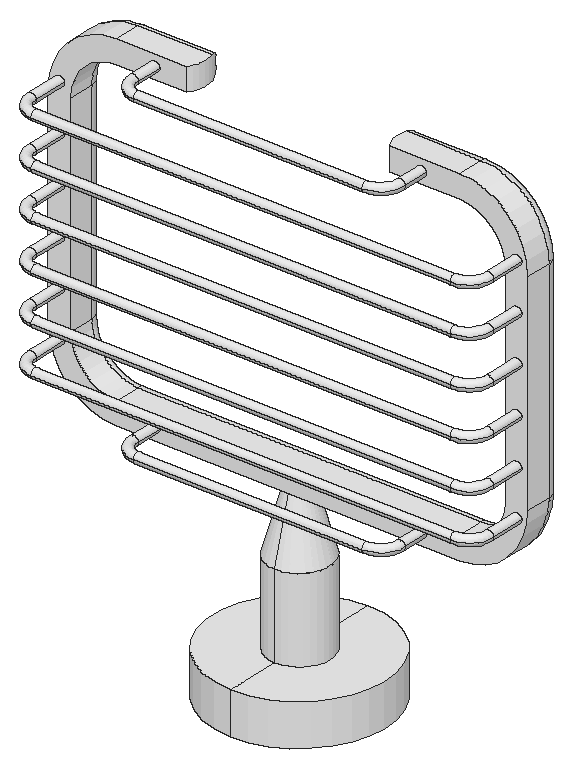
Revit family "Soap Basket-Wall-Caroma Cosmo Metal", category Specialty Equipment, host Face, Revit 2013
Parameters (values of type "Standard")
  URL = "http://www.caroma.com.au/"
  Type Comments = "Caroma Cosmo Metal Soap Basket"  # constant formula
  ModifiedIssue_ANZRS = 1  # constant formula
  Model = "305103C"  # constant formula
  Material_ANZRS = Metal-Chrome-Caroma
  Manufacturer = "GWA Bathrooms & Kitchens"  # constant formula
  Length_ANZRS = 126 mm  # constant formula
  Description = ""
  Default Elevation = 1000 mm
  CreatedBy_ANZRS = "Design Content"  # constant formula
  CreatedByURL_ANZRS = "www.designcontent.com.au"
  Cost = 0
  Assembly Code = "C1030200"
Reference planes
  plane 1 "Center (Elevation)": y = 0
  plane 2 "Back": z = 0
  plane 3 "Center (Left/Right)": x = 0
  plane 4 "Left": x = -63
  plane 5 "Right": x = 63
  plane 6 "Bottom": y = -22.5
  plane 7 "Top": y = 22.5
  plane 8 "Front": z = 140
Forms (mm)
  Revolve 1, solid, material "Metal-Chrome-Caroma" <- "Material_ANZRS"
    sketch origin (0, 0, 0) x (0, 1, 0) y (0, 0, 1)
      loop
        line (0, 0) -> (22.5, 0) -> (22.5, 11) -> (8, 11) -> (8, 33) -> (3.491, 49) -> (0, 49) -> (0, 0)
      axis (0, 49) -> (0, 0)
    angle from 0 to 360
  Sweep 2, solid, material "Metal-Chrome-Caroma" <- "Material_ANZRS"
    path origin (0, 0, 0) x (1, 0, 0) y (0, 0, 1)
      loop
        line (20, 140) -> (45, 140)
        arc (45, 140) -> (57.728, 134.728) -> (63, 122) r 18
        line (63, 122) -> (63, 67)
        arc (63, 67) -> (57.728, 54.272) -> (45, 49) r 18
        line (45, 49) -> (-45, 49)
        arc (-45, 49) -> (-57.728, 54.272) -> (-63, 67) r 18
        line (-63, 67) -> (-63, 122)
        arc (-63, 122) -> (-57.728, 134.728) -> (-45, 140) r 18
        line (-45, 140) -> (-20, 140)
    profile origin (-32.5, 0, 140) x (0, 0, 1) y (0, -1, 0)
      loop
        line (0, 3.716) -> (-6, 3.716) -> (-6, -3.284)
        arc (-6, -3.284) -> (-3, -6.284) -> (0, -3.284) r 3
        line (0, -3.284) -> (0, 3.716)
  Sweep 3, solid, material "Metal-Chrome-Caroma" <- "Material_ANZRS"
    path origin (-61, 0, 52.095) x (1, 0, 0) y (0, 1, 0)
      loop
        line (96, -3.716) -> (96, -10.716)
        arc (96, -10.716) -> (94.536, -14.251) -> (91, -15.716) r 5
        line (91, -15.716) -> (31, -15.716)
        arc (31, -15.716) -> (27.465, -14.251) -> (26, -10.716) r 5
        line (26, -10.716) -> (26, -3.716)
    profile origin (35, -7.216, 52.095) x (1, 0, 0) y (0, 0, 1)
      loop
        circle (0, 0) r 1.25
  Sweep 4, solid, material "Metal-Chrome-Caroma" <- "Material_ANZRS"
    path origin (-61, 0, 137) x (1, 0, 0) y (0, 1, 0)
      loop
        line (96, -3.716) -> (96, -10.716)
        arc (96, -10.716) -> (94.536, -14.251) -> (91, -15.716) r 5
        line (91, -15.716) -> (31, -15.716)
        arc (31, -15.716) -> (27.465, -14.251) -> (26, -10.716) r 5
        line (26, -10.716) -> (26, -3.716)
    profile origin (35, -7.216, 137) x (1, 0, 0) y (0, 0, 1)
      loop
        circle (0, 0) r 1.25
  Sweep 5, solid, material "Metal-Chrome-Caroma" <- "Material_ANZRS"
    path origin (-61, 0, 124.86) x (1, 0, 0) y (0, 1, 0)
      loop
        line (121, -3.716) -> (121, -13)
        arc (121, -13) -> (119.536, -16.536) -> (116, -18) r 5
        line (116, -18) -> (6, -18)
        arc (6, -18) -> (2.465, -16.536) -> (1, -13) r 5
        line (1, -13) -> (1, -3.716)
    profile origin (60, -8.358, 124.86) x (1, 0, 0) y (0, 0, 1)
      loop
        circle (0, 0) r 1.25
  Sweep 6, solid, material "Metal-Chrome-Caroma" <- "Material_ANZRS"
    path origin (-61, 0, 112.72) x (1, 0, 0) y (0, 1, 0)
      loop
        line (121, -3.716) -> (121, -13)
        arc (121, -13) -> (119.536, -16.536) -> (116, -18) r 5
        line (116, -18) -> (6, -18)
        arc (6, -18) -> (2.465, -16.536) -> (1, -13) r 5
        line (1, -13) -> (1, -3.716)
    profile origin (60, -8.358, 112.72) x (1, 0, 0) y (0, 0, 1)
      loop
        circle (0, 0) r 1.25
  Sweep 7, solid, material "Metal-Chrome-Caroma" <- "Material_ANZRS"
    path origin (-61, 0, 100.58) x (1, 0, 0) y (0, 1, 0)
      loop
        line (121, -3.716) -> (121, -13)
        arc (121, -13) -> (119.536, -16.536) -> (116, -18) r 5
        line (116, -18) -> (6, -18)
        arc (6, -18) -> (2.465, -16.536) -> (1, -13) r 5
        line (1, -13) -> (1, -3.716)
    profile origin (60, -8.358, 100.58) x (1, 0, 0) y (0, 0, 1)
      loop
        circle (0, 0) r 1.25
  Sweep 8, solid, material "Metal-Chrome-Caroma" <- "Material_ANZRS"
    path origin (-61, 0, 88.44) x (1, 0, 0) y (0, 1, 0)
      loop
        line (121, -3.716) -> (121, -13)
        arc (121, -13) -> (119.536, -16.536) -> (116, -18) r 5
        line (116, -18) -> (6, -18)
        arc (6, -18) -> (2.465, -16.536) -> (1, -13) r 5
        line (1, -13) -> (1, -3.716)
    profile origin (60, -8.358, 88.44) x (1, 0, 0) y (0, 0, 1)
      loop
        circle (0, 0) r 1.25
  Sweep 9, solid, material "Metal-Chrome-Caroma" <- "Material_ANZRS"
    path origin (-61, 0, 76.3) x (1, 0, 0) y (0, 1, 0)
      loop
        line (121, -3.716) -> (121, -13)
        arc (121, -13) -> (119.536, -16.536) -> (116, -18) r 5
        line (116, -18) -> (6, -18)
        arc (6, -18) -> (2.465, -16.536) -> (1, -13) r 5
        line (1, -13) -> (1, -3.716)
    profile origin (60, -8.358, 76.3) x (1, 0, 0) y (0, 0, 1)
      loop
        circle (0, 0) r 1.25
  Sweep 10, solid, material "Metal-Chrome-Caroma" <- "Material_ANZRS"
    path origin (-61, 0, 64.16) x (1, 0, 0) y (0, 1, 0)
      loop
        line (121, -3.716) -> (121, -13)
        arc (121, -13) -> (119.536, -16.536) -> (116, -18) r 5
        line (116, -18) -> (6, -18)
        arc (6, -18) -> (2.465, -16.536) -> (1, -13) r 5
        line (1, -13) -> (1, -3.716)
    profile origin (60, -8.358, 64.16) x (1, 0, 0) y (0, 0, 1)
      loop
        circle (0, 0) r 1.25
  Extrusion 11, void
    sketch origin (0, 0, 0) x (1, 0, 0) y (0, 1, 0)
      loop
        arc (-28.448, 7.457) -> (-25.102, 0.949) -> (-28.517, -5.522) r 7.919
        line (-28.517, -5.522) -> (28.517, -5.522)
        arc (28.517, -5.522) -> (25.102, 0.949) -> (28.448, 7.457) r 7.919
        line (28.448, 7.457) -> (-28.448, 7.457)
    from 130.497 to 144.024
Cuts and joins
  Extrusion 11 cuts Sweep 2
  joined: Sweep 2, Sweep 3, Sweep 4, Sweep 5, Sweep 6, Sweep 7, Sweep 8, Sweep 9, Sweep 10
Dimensions and locks
  aligned and locked: plane 2 "Back" to host face
  aligned and locked: level to host face
